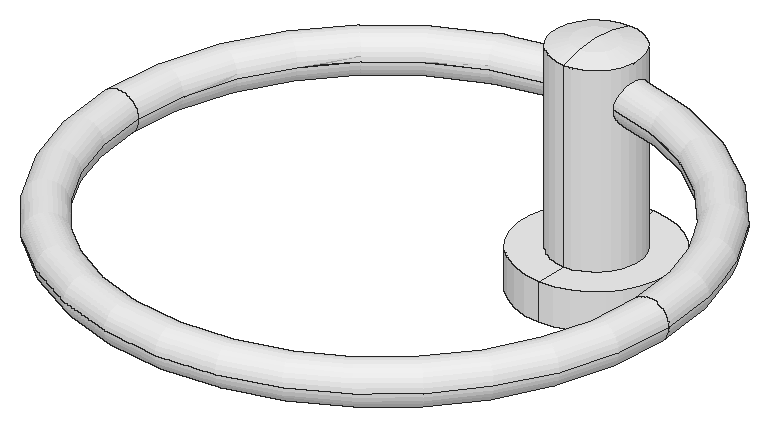
Revit family "Towel Ring-Wall-Caroma Cosmo Metal1", category Specialty Equipment, host Face, Revit 2013
Parameters (values of type "Standard")
  URL = "http://www.caroma.com.au/"
  Type Comments = "Caroma Cosmo Metal Towel Ring"  # constant formula
  ModifiedIssue_ANZRS = 1  # constant formula
  Model = "305102C"  # constant formula
  Material_ANZRS = Metal-Chrome-Caroma
  Manufacturer = "GWA Bathrooms & Kitchens"  # constant formula
  Length_ANZRS = 179 mm  # constant formula
  Description = ""
  Default Elevation = 900 mm
  CreatedBy_ANZRS = "Design Content"  # constant formula
  CreatedByURL_ANZRS = "www.designcontent.com.au"
  Cost = 0
  Assembly Code = "C1030200"
Reference planes
  plane 1 "Center (Elevation)": y = 0
  plane 2 "Back": z = 0
  plane 3 "Center (Left/Right)": x = 0
  plane 4 "Left": x = -89.5
  plane 5 "Right": x = 89.5
  plane 6 "Front": z = 68
  plane 7 "Top": y = 21.966
  plane 8 "Bottom": y = -168
Forms (mm)
  Revolve 1, solid, material "Metal-Chrome-Caroma" <- "Material_ANZRS"
    sketch origin (0, 0, 0) x (0, 1, 0) y (0, 0, 1)
      loop
        line (0, 0) -> (21.966, 0) -> (21.966, 11) -> (12.466, 11) -> (12.466, 66)
        arc (12.466, 66) -> (6.313, 67.497) -> (0, 68) r 39.849
        line (0, 68) -> (0, 0)
      axis (0, 68) -> (0, 0)
    angle from 0 to 360
  Sweep 2, solid, material "Metal-Chrome-Caroma" <- "Material_ANZRS"
    path origin (0, 0, 0) x (1, 0, 0) y (0, 1, 0)
      loop
        circle (0, -81) r 81
    profile origin (0, 0, 0) x (0, -1, 0) y (0, 0, 1)
      loop
        circle (0, 55) r 6
Cuts and joins
  joined: Revolve 1, Sweep 2
Dimensions and locks
  "Length_ANZRS": plane 4 "Left" to plane 5 "Right"
  plane 6 "Front" to level = 68 mm
  equal spacing: plane 4 "Left", plane 3 "Center (Left/Right)", plane 5 "Right"
  aligned and locked: plane 2 "Back" to host face
  aligned and locked: level to host face
Automatic sketch dimensions
  host sketch curve to host sketch curve = 2438.4 mm  (x2)
  Sweep 2 sketch curve to profile plane = 0 mm
  level to Sweep 2 sketch curve = 55 mm
  Revolve 1 sketch curve to plane 7 "Top" = 0 mm
  Revolve 1 sketch curve to plane 1 "Center (Elevation)" = 0 mm  (x2)
  Revolve 1 sketch curve to level = 0 mm
  Revolve 1 sketch curve to plane 6 "Front" = 0 mm
  Revolve 1 sketch curve to Revolve 1 sketch curve = 9.5 mm
  level to Revolve 1 sketch curve = 11 mm
  Revolve 1 sketch curve to level = 24.096 mm
  Revolve 1 sketch curve to Revolve 1 sketch curve = 7.879 mm
  Revolve 1 sketch curve to plane 6 "Front" = 2 mm
  Sweep 2 sketch curve to plane 3 "Center (Left/Right)" = 0 mm
  Sweep 2 sketch curve to plane 8 "Bottom" = 87 mm
  radius of Sweep 2 sketch curve = 6 mm
  radius of Sweep 2 sketch curve = 81 mm
